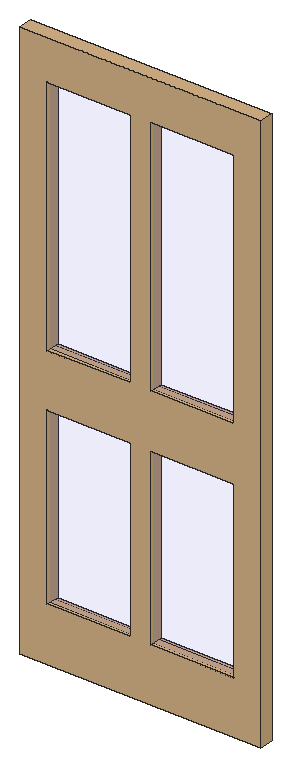
Revit family "0062_M_DR_W_single-glass 3_no trim", category 문, Revit 2026
Family settings
  호스트 = 벽
  항상 수직 = 예
  로드될 때 보이드를 사용하여 절단 = 아니오
  공유 = 아니오
  룸 계산 점 = 아니오
Parameters (values of type "36" x 84"")
  두께 = 0' - 2"
  조합 코드 = "C1020"
  기능 = 내부
  Door Material = Door - Panel
  Frame Material = Door - Frame
  Height = 7' - 0"
  Rail Width - Base = 0' - 8"
  Rail Width - Center = 0' - 8"
  Rail Width - Top = 0' - 6"
  Stile Width = 0' - 4"
  벽 마무리 = 호스트별
  Width = 3' - 0"
Types (8): name | 두께 | 조합 코드 | Height | Rail Width - Base | Rail Width - Center | Rail Width - Top | Stile Width | Width
  36" x 84" | 0' - 2" | "C1020" | 7' - 0" | 0' - 8" | 0' - 8" | 0' - 6" | 0' - 4" | 3' - 0"
  34" x 84" | 0' - 2" | "C1020" | 7' - 0" | 0' - 8" | 0' - 8" | 0' - 6" | 0' - 4" | 2' - 10"
  32" x 84" | 0' - 2" | "C1020" | 7' - 0" | 0' - 8" | 0' - 8" | 0' - 6" | 0' - 4" | 2' - 8"
  30" x 84" | 0' - 2" | "C1020" | 7' - 0" | 0' - 8" | 0' - 8" | 0' - 6" | 0' - 4" | 2' - 6"
  30" x 80" | 0' - 2" | "C1020" | 6' - 8" | 0' - 8" | 0' - 8" | 0' - 6" | 0' - 4" | 2' - 6"
  36" x 80" | 0' - 2" | "C1020" | 6' - 8" | 0' - 8" | 0' - 8" | 0' - 6" | 0' - 4" | 3' - 0"
  34" x 80" | 0' - 2" | "C1020" | 6' - 8" | 0' - 8" | 0' - 8" | 0' - 6" | 0' - 4" | 2' - 10"
  0915 x 2134mm | 0' - 1 31/32" | 0' - 0" | 7' - 0 1/64" | 0' - 8 9/128" | 0' - 8 9/128" | 0' - 6 57/64" | 0' - 3 15/16" | 3' - 0 3/128"
Reference planes (in)
  plane 1: y = 0
  plane 2: z = 0
  plane 3: x = 0
  plane 4: x = -18
  plane 5: x = 18
  plane 6: z = 84
  plane 7: x = -14
  plane 8: x = 14
  plane 9: z = 78
  plane 10: z = 34
  plane 11: z = 8
  plane 12: x = -1.5
  plane 13: x = 1.5
  plane 14: z = 42
  plane 15: y = 1
Forms (in)
  Extrusion 1, solid, material "Door - Panel" <- "Door Material"
    sketch origin (-0.00488, -8.625, 0.12795) x (1, 0, 0) y (0, 0, 1)
      loop
        line (-13.97351, 77.93485) -> (-13.97351, 41.9268) -> (-1.5, 41.9268) -> (-1.5, 77.93485) -> (-13.97351, 77.93485)
      loop
        line (1.5, 77.93485) -> (1.5, 41.9268) -> (14.02649, 41.9268) -> (14.02649, 77.93485) -> (1.5, 77.93485)
      loop
        line (-13.97351, 33.93485) -> (-13.97351, 7.93485) -> (-1.5, 7.93485) -> (-1.5, 33.93485) -> (-13.97351, 33.93485)
      loop
        line (1.5, 33.9268) -> (1.5, 7.93485) -> (14.02649, 7.93485) -> (14.02649, 33.9268) -> (1.5, 33.9268)
      loop
        line (-18, 83.9268) -> (-18, -0.0732) -> (18, -0.0732) -> (18, 83.9268) -> (-18, 83.9268)
    from -11.625 to -9.625
  Extrusion 2, solid, material "Glass"
    sketch origin (0.05185, 3, 0.05964) x (1, 0, 0) y (0, 0, 1)
      loop
        line (-14.05185, 77.94036) -> (-14.05185, 41.94036) -> (-1.54463, 41.94036) -> (-1.54463, 77.94036) -> (-14.05185, 77.94036)
      loop
        line (1.42166, 77.94036) -> (1.42166, 41.94036) -> (13.94815, 41.94036) -> (13.94815, 77.94036) -> (1.42166, 77.94036)
      loop
        line (-14.05185, 33.94036) -> (-14.05185, 7.94036) -> (-1.54463, 7.94036) -> (-1.54463, 33.94036) -> (-14.05185, 33.94036)
      loop
        line (1.42166, 33.94036) -> (1.42166, 7.94036) -> (13.94815, 7.94036) -> (13.94815, 33.94036) -> (1.42166, 33.94036)
    from 0.5 to 1.5
Lines and regions (in)
  Opening 1
    outline origin (-60, -3, 144) x (0, 0, -1) y (1, 0, 0)
      loop
        line (60, 41.99512) -> (144, 41.99512) -> (144, 77.99512) -> (60, 77.99512) -> (60, 41.99512)
  symbolic lines, style "DoorsPanelProjection"
    curve 1: line (18, 3, 0) -> (16, 3, 0)
    curve 2: line (18, 3, 0) -> (18, 39, 0)
    curve 3: line (18, 39, 0) -> (16, 39, 0)
    curve 4: line (16, 3, 0) -> (16, 39, 0)
  symbolic lines, style "Elevation Swing"
    curve 5: line (-18, -3, 84) -> (18, -3, 42)
    curve 6: line (18, 3, 42) -> (-18, 3, 0)
  symbolic lines, style "Plan Swing"
    curve 7: arc (16, 39, 0) -> (-8.19266, 27.7779, 0) -> (-18.05551, 3, 0) r 36.05551
Dimensions and locks (in)
  equal spacing: plane 4, plane 3, plane 5
  "Width": plane 4 to plane 5
  locked: host wall to curve 1
  "Height": plane 6 to plane 2
  equal spacing: plane 6, curve 5, level
  equal spacing: plane 6, curve 6, level
  "Stile Width": plane 4 to plane 7
  plane 13 to plane 12 = 0' - 3"
  "Stile Width": plane 8 to plane 5
  Extrusion 1 to Extrusion 2 to Extrusion 2 = 0' - 0 1/2", 0' - 1"
  "Rail Width - Top": plane 9 to plane 6
  "Rail Width - Base": host wall to plane 11
  "Rail Width - Center": plane 10 to plane 14
  "두께": curve 4 to plane 5
  "두께": plane 15 to host wall
  aligned and locked: plane 6 to curve 5
  aligned and locked: host wall to Extrusion 1
  aligned and locked: Extrusion 1 to plane 15
  aligned and locked: plane 9 to Extrusion 2 sketch curve  (x2)
  aligned and locked: plane 11 to Extrusion 2 sketch curve  (x2)
  aligned and locked: plane 10 to Extrusion 2 sketch curve  (x2)
  aligned and locked: Extrusion 2 sketch curve to Extrusion 2 sketch curve
  aligned and locked: plane 14 to Extrusion 2 sketch curve
Automatic sketch dimensions
  level to Extrusion 1 sketch curve = 0' - 0.05475"
  Extrusion 1 sketch curve to plane 6 = 0' - 0.05475"
  Extrusion 1 sketch curve to plane 14 = 0' - 0.05475"  (x2)
  Extrusion 1 sketch curve to plane 10 = 0' - 0.05475"
  plane 4 to Extrusion 1 sketch curve = 0' - 0.00488"
  Extrusion 1 sketch curve to plane 7 = 0' - 0.02161"  (x2)
  Extrusion 1 sketch curve to plane 11 = 0' - 0.06281"  (x2)
  Extrusion 1 sketch curve to plane 12 = 0' - 0.00488"  (x2)
  Extrusion 1 sketch curve to plane 13 = 0' - 0.00488"  (x2)
  Extrusion 1 sketch curve to plane 8 = 0' - 0.02161"  (x2)
  plane 5 to Extrusion 1 sketch curve = 0' - 0.00488"
  Extrusion 1 sketch curve to plane 10 = 0' - 0.06281"
  Extrusion 1 sketch curve to plane 9 = 0' - 0.06281"  (x2)
  Opening 1 sketch curve to plane 6 = 0' - 0"
  Opening 1 sketch curve to level = 0' - 0"
  plane 4 to Opening 1 sketch curve = 0' - 0.00488"
  plane 5 to Opening 1 sketch curve = 0' - 0.00488"
  curve 6 to level = 0' - 0"
  curve 6 to plane 4 = 0' - 0"
  curve 5 to plane 4 = 0' - 0"
  curve 1 to plane 5 = 0' - 0"
  curve 7 to plane 5 = 0' - 0"
  plane 4 to curve 7 = 0' - 0.05551"
  Extrusion 2 sketch curve to plane 7 = 0' - 0"  (x2)
  Extrusion 2 sketch curve to plane 8 = 0' - 0"  (x2)
  plane 12 to Extrusion 2 sketch curve = 0' - 0.00722"  (x2)
  Extrusion 2 sketch curve to plane 13 = 0' - 0.02649"  (x2)
  curve 7 to host wall = 0' - 0"
  curve 6 to plane 5 = 0' - 0"
  curve 5 to plane 5 = 0' - 0"
